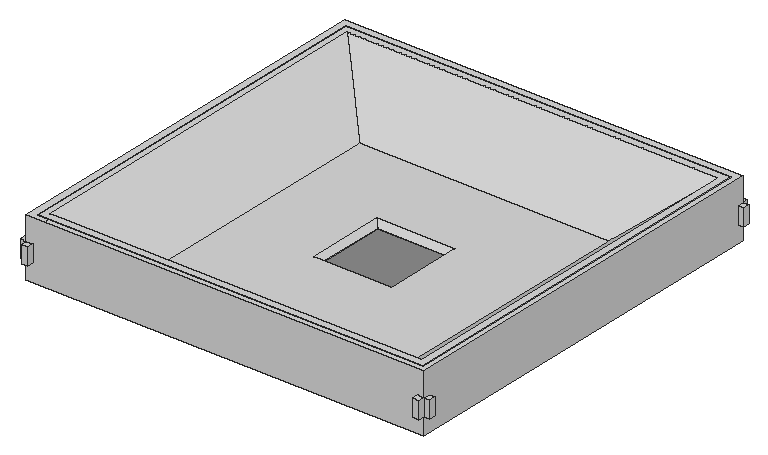
Revit family "BRUT", category Lighting Fixtures, host Face, Revit 2019
Family settings
  Host = Face
  Round Connector Dimension = Use Diameter
  Part Type = Normal
  OmniClass Number = 23.80.70.11
  OmniClass Title = Luminaries for Internal Lighting
  Cut with Voids When Loaded = No
  Light Source = Yes
  Shared = No
  Room Calculation Point = No
Parameters (values of type "PL18806-001A 4INCH FLD Flush AID FnRpt.ies")
  Wattage Comments = ""
  Wattage = 9.2903 W
  built-in parameter 1150110 = 1 (stored number, unit not read)
  Voltage = 120 V
  URL = "https://www.aronlighting.com/"
  Type Comments = ""
  Tye Mark = ""
  built-in parameter 1114217 = 1 (stored number, unit not read)
  Tilt Angle = 90.00°
  built-in parameter 1150109 = 1 (stored number, unit not read)
  built-in parameter 1150134 = 3
  built-in parameter 1150113 = 1 (stored number, unit not read)
  Photometric Web File = "PL18806-001A 4INCH FLD Flush AID FnRpt.ies"
  Phone = "(484) 681-5687"
  Number Of Pole = 1
  Model = "BRUT"  # constant formula
  Manufacturer = "ARON LIGHTING®"
  built-in parameter 1150105 = -397623.5 (stored number, unit not read)
  Lumens = 1380 lm
  built-in parameter 1150115 = 1 (stored number, unit not read)
  built-in parameter 1150137 = (empty or 0)
  built-in parameter 1150139 = (empty or 0)
  Light Box Width = 23.75"  # constant formula
  Light Box Length = 23.75"  # constant formula
  built-in parameter 1150112 = 1 (stored number, unit not read)
  built-in parameter 1150114 = 1 (stored number, unit not read)
  built-in parameter 1150132 = (empty or 0)
  built-in parameter 1150102 = (empty or 0)
  built-in parameter 1150107 = 3200 (stored number, unit not read)
  built-in parameter 1150138 = (empty or 0)
  Illuminated Surface Material = Light
  Lamp = ""
  Keynote = ""
  built-in parameter 1150106 = -3976.2 (stored number, unit not read)
  Housing Material = Standard
  Fax = ""
  Emit from Rectangle Width = 4.00"
  Emit from Rectangle Length = 4.00"
  Emit Shape Visible in Rendering = no
  built-in parameter 1150104 = 13.8 (stored number, unit not read)
  EMAIL = "info@aronlighting.com"
  Dimming Lamp Color Temperature Shift = <None>
  Description = ""
  Default Elevation = 48.00"
  Cost = 0
  Copyright = "© 2020 ARON Lighting"
  Color Filter = 16777215
  built-in parameter 1114218 = 1 (stored number, unit not read)
  built-in parameter 1150133 = 10 (stored number, unit not read)
  Assembly Code = ""
  Apparent Load = 3 VA
Types (3): name | Photometric Web File
  PL18806-001A 4INCH FLD Flush AID FnRpt.ies | "PL18806-001A 4INCH FLD Flush AID FnRpt.ies"
  PL18804-001A 2in FLD Regressed AID FnRpt | "PL18804-001A 2in FLD Regressed AID FnRpt.ies"
  PL18805-001A 4in FLD Regressed AID FnRpt | "PL18805-001A 4in FLD Regressed AID FnRpt.ies"
Reference planes (in)
  plane 1 "Center (Front/Back)": y = 0
  plane 2: z = 0
  plane 3 "Center (Left/Right)": x = -0.09552
  plane 4: z = -0.3438
  plane 5: x = -12.09552
  plane 6: x = 11.90448
  plane 7: y = -12
  plane 8: y = 12
Forms (in)
  Extrusion 1, void
    sketch origin (0, 0, 0) x (1, 0, 0) y (0, 1, 0)
      loop
        line (-12.07486, -11.97538) -> (11.87514, -11.97538) -> (11.87514, 11.97538) -> (-12.07486, 11.97538) -> (-12.07486, -11.97538)
    from -19.53718 to 0.76884
  Extrusion 2, solid, material "Standard" <- "Housing Material"
    sketch origin (0, 0, 1.375) x (1, 0, 0) y (0, 1, 0)
      loop
        line (-11.72486, 11.62462) -> (-11.72486, -11.62538) -> (11.52514, -11.62538) -> (11.52514, 11.62462) -> (-11.72486, 11.62462)
      loop
        line (-11.36486, 11.26462) -> (-11.36486, -11.26538) -> (11.16514, -11.26538) -> (11.16514, 11.26462) -> (-11.36486, 11.26462)
    from -3.36 to 0
  Sweep 3, solid, material "Standard" <- "Housing Material"
    path origin (0, 0, 1.375) x (1, 0, 0) y (0, 1, 0)
      loop
        line (-11.36486, -11.26538) -> (11.16514, -11.26538) -> (11.16514, 11.26462) -> (-11.36486, 11.26462) -> (-11.36486, -11.26538)
    profile origin (-11.36486, -0.00038, 1.375) x (-1, 0, 0) y (0, 0, 1)
      loop
        line (0, 0) -> (-0.39, 0) -> (-3.96526, -3) -> (-8.965, -3) -> (-9.265, -3.3) -> (-9.265, -3.36) -> (-3.83423, -3.36) -> (-0.25897, -0.36) -> (0, -0.36) -> (0, 0)
  Extrusion 4, solid, material "Standard" <- "Housing Material"
    sketch origin (0, 0, 1.375) x (1, 0, 0) y (0, 1, 0)
      loop
        line (-12.07486, -11.26538) -> (-12.07486, -11.62538) -> (-11.72486, -11.62538) -> (-11.72486, -11.26538) -> (-12.07486, -11.26538)
    from -2.375 to -1.375
  Extrusion 5, solid, material "Standard" <- "Housing Material"
    sketch origin (-23.44973, -23.25076, 1.375) x (-1, 0, 0) y (0, -1, 0)
      loop
        line (-12.08486, -11.27538) -> (-12.08486, -11.62538) -> (-11.72486, -11.62538) -> (-11.72486, -11.27538) -> (-12.08486, -11.27538)
    from -2.375 to -1.375
  Extrusion 6, solid, material "Standard" <- "Housing Material"
    sketch origin (0, 0, 1.375) x (1, 0, 0) y (0, 1, 0)
      loop
        line (-12.07486, 11.26538) -> (-11.72486, 11.26538) -> (-11.72486, 11.62538) -> (-12.07486, 11.62538) -> (-12.07486, 11.26538)
    from -2.375 to -1.375
  Extrusion 7, solid, material "Standard" <- "Housing Material"
    sketch origin (-23.44973, 23.25076, 1.375) x (-1, 0, 0) y (0, -1, 0)
      loop
        line (-12.08486, 11.27538) -> (-11.72486, 11.27538) -> (-11.72486, 11.62538) -> (-12.08486, 11.62538) -> (-12.08486, 11.27538)
    from -2.375 to -1.375
  Extrusion 8, solid, material "Standard" <- "Housing Material"
    sketch origin (-0.19105, 0, 1.375) x (-1, 0, 0) y (0, -1, 0)
      loop
        line (-12.06618, -11.26538) -> (-12.06618, -11.62538) -> (-11.71618, -11.62538) -> (-11.71618, -11.26538) -> (-12.06618, -11.26538)
    from -2.375 to -1.375
  Extrusion 9, solid, material "Standard" <- "Housing Material"
    sketch origin (23.25868, 23.25076, 1.375) x (1, 0, 0) y (0, 1, 0)
      loop
        line (-12.09355, -11.27538) -> (-12.09355, -11.62538) -> (-11.73355, -11.62538) -> (-11.73355, -11.27538) -> (-12.09355, -11.27538)
    from -2.375 to -1.375
  Extrusion 10, solid, material "Standard" <- "Housing Material"
    sketch origin (-0.19105, 0, 1.375) x (-1, 0, 0) y (0, -1, 0)
      loop
        line (-12.06618, 11.26538) -> (-11.71618, 11.26538) -> (-11.71618, 11.62538) -> (-12.06618, 11.62538) -> (-12.06618, 11.26538)
    from -2.375 to -1.375
  Extrusion 11, solid, material "Standard" <- "Housing Material"
    sketch origin (23.25868, -23.25076, 1.375) x (1, 0, 0) y (0, 1, 0)
      loop
        line (-12.09355, 11.27538) -> (-11.73355, 11.27538) -> (-11.73355, 11.62538) -> (-12.09355, 11.62538) -> (-12.09355, 11.27538)
    from -2.375 to -1.375
  Extrusion 12, solid, material "Light" <- "Illuminated Surface Material"
    sketch origin (0, 0, 1.375) x (1, 0, 0) y (0, 1, 0)
      loop
        line (-2.09986, 1.99962) -> (-2.09986, -2.00038) -> (1.90014, -2.00038) -> (1.90014, 1.99962) -> (-2.09986, 1.99962)
    from -3.36 to -3.3
Lines and regions (in)
  reference lines
    curve 1: line (-12.09552, 12, 0) -> (11.90448, 12, 0)
    curve 2: line (11.90448, 12, 0) -> (11.90448, -12, 0)
    curve 3: line (11.90448, -12, 0) -> (-12.09552, -12, 0)
    curve 4: line (-12.09552, -12, 0) -> (-12.09552, 12, 0)
Dimensions and locks (in)
  plane 8 to plane 1 "Center (Front/Back)" to plane 7 = 12.00", 12.00"
  plane 5 to plane 3 "Center (Left/Right)" to plane 6 = 12.00", 12.00"
  aligned and locked: host face to plane 2
  aligned and locked: host face to level
Connectors (in)
  electrical at (-0.09986, -11.62538, -0.305)
    settings: on Extrusion 2, index 1, voltage 0 V, apparent load 0 VA, apparent load phase1 0 VA, apparent load phase2 0 VA, apparent load phase3 0 VA, power factor 1, load classification "Other", number of poles 1, system type 31, power factor state 1, is connector primary yes, connector utility no, sub classification motor no, connector description ""
